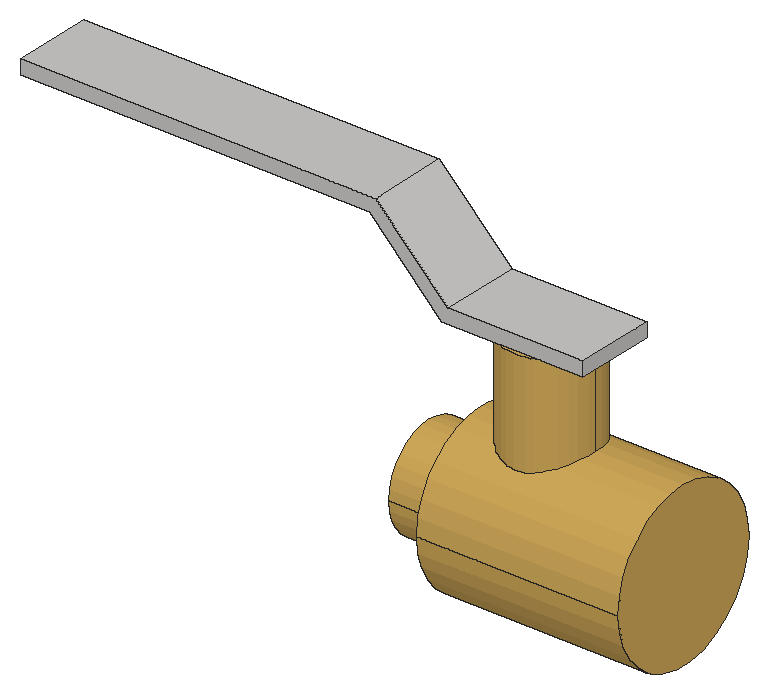
Revit family "xBall_Valves-Full_Port-WATTS-LFFBV3C_LFFBVS3C_Series", category Pipe Accessories, Revit 2014
Parameters (values of type "LFFBV-3C - 0.25"")
  built-in parameter 1114242 [instance] = (empty or 0)
  URL = "http://www.watts.com"
  Type Comments = ""
  Stem Radius = 0.310"
  Stem Height = 1.183"
  Region = "North America"  # constant formula
  Product Page URL = "http://www.watts.com/pages/_products_details.asp?pid=6836"
  Product Documentation Link = "http://media.wattswater.com/ES-LFFBV-3C.pdf"
  Model = "LFFBV-3C"
  Max. Working Pressure = "600psi (41 bar) WOG, non-shock; 150psi (10.3 bar) WSP"
  Material = "Lead Free-WATTS-Copper Silicon Alloy"  # constant formula
  Manufacturer Product Line = "Water Safety & Flow Control"  # constant formula
  Manufacturer = "WATTS"  # constant formula
  Length = 1.750"
  Handle Width = 0.550"
  Handle Thickness = 0.098"
  Handle Length = 3.438"
  Handle Height = 0.500"
  Description = "2 Piece, Full Port, Lead Free Brass Ball Valve"  # constant formula
  Country = "United States"  # constant formula
  Connector Description 2 = "NPT Connection Outlet"
  Connector Description 1 = "NPT Connection Inlet"
  Connection Type = "Female NPT"
  Connection Radius = 1/8"
  Center To Outlet = Length - Center To Inlet  # 0.910"
  Center To Inlet = 0.840"
  Center To Handle Tang = 0.436"
  Center To Handle Back = Handle Width / 2  # 0.275"
  Center To Handle Angle = 0.492"
  Center To Body Angle = 0.478"
  Outlet Body Radius = 0.560"
  Inlet Body Radius = 0.350"
  Body Midpoint = (Center To Inlet + Center To Outlet) / 2  # 0.875"
  Annotation Circle Radius = if(1 = 1, Outlet Body Radius / 2, 0.000")  # 0.280"
Types (20): name | Stem Radius | Stem Height | Model | Max. Working Pressure | Length | Handle Width | Handle Thickness | Handle Length | Handle Height | Connection Type | Connection Radius | Center To Outlet | Center To Inlet | Center To Handle Tang | Center To Handle Back | Center To Handle Angle | Center To Body Angle | Outlet Body Radius | Inlet Body Radius | Body Midpoint | Annotation Circle Radius
  (no name) | 0.310" | 1.183" | "LFFBV-3C" | "600psi (41 bar) WOG, non-shock; 150psi (10.3 bar) WSP" | 1.750" | 0.550" | 0.098" | 3.438" | 0.500" | "Female NPT" | 1/8" | 0.910" | 0.840" | 0.436" | 0.275" | 0.492" | 0.478" | 0.560" | 0.350" | 0.875" | 0.280"
  LFFBV-3C - 0.25" | 0.310" | 1.183" | "LFFBV-3C" | "600psi (41 bar) WOG, non-shock; 150psi (10.3 bar) WSP" | 1.750" | 0.550" | 0.098" | 3.438" | 0.500" | "Female NPT" | 1/8" | 0.910" | 0.840" | 0.436" | 0.275" | 0.492" | 0.478" | 0.560" | 0.350" | 0.875" | 0.280"
  LFFBV-3C - 0.375" | 0.310" | 1.183" | "LFFBV-3C" | "600psi (41 bar) WOG, non-shock; 150psi (10.3 bar) WSP" | 1.750" | 0.550" | 0.098" | 3.438" | 0.500" | "Female NPT" | 3/16" | 0.910" | 0.840" | 0.436" | 0.275" | 0.492" | 0.478" | 0.560" | 0.415" | 0.875" | 0.280"
  LFFBV-3C - 0.5" | 0.310" | 1.123" | "LFFBV-3C" | "600psi (41 bar) WOG, non-shock; 150psi (10.3 bar) WSP" | 1.938" | 0.550" | 0.098" | 3.438" | 0.500" | "Female NPT" | 1/4" | 0.958" | 0.980" | 0.436" | 0.275" | 0.492" | 0.460" | 0.560" | 0.480" | 0.969" | 0.280"
  LFFBV-3C - 0.75" | 0.375" | 1.359" | "LFFBV-3C" | "600psi (41 bar) WOG, non-shock; 150psi (10.3 bar) WSP" | 2.313" | 0.689" | 0.110" | 4.000" | 0.689" | "Female NPT" | 3/8" | 1.143" | 1.170" | 0.530" | 0.3445" | 0.483" | 0.445" | 0.780" | 0.620" | 1.1565" | 0.390"
  LFFBV-3C - 1" | 0.465" | 1.633" | "LFFBV-3C" | "600psi (41 bar) WOG, non-shock; 150psi (10.3 bar) WSP" | 2.813" | 0.807" | 0.126" | 4.250" | 0.750" | "Female NPT" | 1/2" | 1.397" | 1.416" | 0.640" | 0.4035" | 0.577" | 0.580" | 0.910" | 0.750" | 1.4065" | 0.455"
  LFFBV-3C - 1.25" | 0.455" | 1.823" | "LFFBV-3C" | "600psi (41 bar) WOG, non-shock; 150psi (10.3 bar) WSP" | 3.188" | 0.807" | 0.126" | 4.250" | 0.750" | "Female NPT" | 5/8" | 1.601" | 1.587" | 0.640" | 0.4035" | 0.577" | 0.685" | 1.150" | 0.930" | 1.594" | 0.575"
  LFFBV-3C - 1.5" | 0.480" | 2.118" | "LFFBV-3C" | "600psi (41 bar) WOG, non-shock; 150psi (10.3 bar) WSP" | 3.500" | 0.945" | 0.157" | 5.250" | 0.750" | "Female NPT" | 3/4" | 1.760" | 1.740" | 0.687" | 0.4725" | 0.847" | 0.815" | 1.330" | 1.075" | 1.750" | 0.665"
  LFFBV-3C - 2" | 0.480" | 2.581" | "LFFBV-3C" | "600psi (41 bar) WOG, non-shock; 150psi (10.3 bar) WSP" | 4.125" | 0.945" | 0.157" | 6.000" | 0.750" | "Female NPT" | 1" | 2.096" | 2.029" | 0.687" | 0.4725" | 0.847" | 0.935" | 1.690" | 1.325" | 2.0625" | 0.845"
  LFFBV-3C - 2.5" | 0.615" | 3.055" | "LFFBV-3C" | "400psi (27.5 bar) WOG, non-shock\r\n125psi (8.6 bar) WSP" | 5.313" | 0.945" | 0.197" | 7.375" | 0.750" | "Female NPT" | 1 1/4" | 2.668" | 2.645" | 0.853" | 0.4725" | 0.800" | 1.335" | 2.120" | 1.597" | 2.6565" | 1.060"
  LFFBV-3C - 3" | 0.655" | 3.477" | "LFFBV-3C" | "400psi (27.5 bar) WOG, non-shock\r\n125psi (8.6 bar) WSP" | 6.063" | 1.102" | 0.197" | 7.750" | 0.750" | "Female NPT" | 1 1/2" | 3.035" | 3.028" | 0.882" | 0.551" | 0.810" | 1.590" | 2.515" | 1.980" | 3.0315" | 1.2575"
  LFFBV-3C - 4" | 0.655" | 3.477" | "LFFBV-3C" | "400psi (27.5 bar) WOG, non-shock\r\n125psi (8.6 bar) WSP" | 7.438" | 1.102" | 0.197" | 9.625" | 0.750" | "Female NPT" | 1 1/2" | 4.410" | 3.028" | 0.882" | 0.551" | 0.810" | 1.590" | 2.515" | 1.980" | 3.719" | 1.2575"
  LFFBVS-3C - 0.5" | 0.310" | 1.123" | "LFFBVS-3C" | "600psi (41 bar) WOG, non-shock; 150psi (10.3 bar) WSP" | 2.063" | 0.550" | 0.098" | 3.438" | 0.500" | "Soldered Connection" | 1/4" | 1.083" | 0.980" | 0.436" | 0.275" | 0.492" | 0.460" | 0.560" | 0.480" | 1.0315" | 0.280"
  LFFBVS-3C - 0.75" | 0.375" | 1.359" | "LFFBVS-3C" | "600psi (41 bar) WOG, non-shock; 150psi (10.3 bar) WSP" | 2.688" | 0.689" | 0.110" | 4.000" | 0.689" | "Soldered Connection" | 3/8" | 1.518" | 1.170" | 0.530" | 0.3445" | 0.483" | 0.445" | 0.780" | 0.620" | 1.344" | 0.390"
  LFFBVS-3C - 1" | 0.465" | 1.633" | "LFFBVS-3C" | "600psi (41 bar) WOG, non-shock; 150psi (10.3 bar) WSP" | 3.250" | 0.807" | 0.126" | 4.250" | 0.750" | "Soldered Connection" | 1/2" | 1.834" | 1.416" | 0.640" | 0.4035" | 0.577" | 0.580" | 0.910" | 0.750" | 1.625" | 0.455"
  LFFBVS-3C - 1.25" | 0.455" | 1.823" | "LFFBVS-3C" | "600psi (41 bar) WOG, non-shock; 150psi (10.3 bar) WSP" | 3.688" | 0.807" | 0.126" | 4.250" | 0.750" | "Soldered Connection" | 5/8" | 2.101" | 1.587" | 0.640" | 0.4035" | 0.577" | 0.685" | 1.150" | 0.930" | 1.844" | 0.575"
  LFFBVS-3C - 1.5" | 0.480" | 2.118" | "LFFBVS-3C" | "600psi (41 bar) WOG, non-shock; 150psi (10.3 bar) WSP" | 4.250" | 0.945" | 0.157" | 5.250" | 0.750" | "Soldered Connection" | 3/4" | 2.510" | 1.740" | 0.687" | 0.4725" | 0.847" | 0.815" | 1.330" | 1.075" | 2.125" | 0.665"
  LFFBVS-3C - 2" | 0.480" | 2.581" | "LFFBVS-3C" | "600psi (41 bar) WOG, non-shock; 150psi (10.3 bar) WSP" | 5.313" | 0.945" | 0.157" | 6.000" | 0.750" | "Soldered Connection" | 1" | 3.284" | 2.029" | 0.687" | 0.4725" | 0.847" | 0.935" | 1.690" | 1.325" | 2.6565" | 0.845"
  LFFBVS-3C - 2.5" | 0.615" | 3.055" | "LFFBVS-3C" | "400psi (27.5 bar) WOG, non-shock\r\n125psi (8.6 bar) WSP" | 6.250" | 0.945" | 0.197" | 7.375" | 0.750" | "Soldered Connection" | 1 1/4" | 3.605" | 2.645" | 0.853" | 0.4725" | 0.800" | 1.335" | 2.120" | 1.597" | 3.125" | 1.060"
  LFFBVS-3C - 3" | 0.655" | 3.477" | "LFFBVS-3C" | "400psi (27.5 bar) WOG, non-shock\r\n125psi (8.6 bar) WSP" | 7.375" | 1.102" | 0.197" | 7.750" | 0.750" | "Soldered Connection" | 1 1/2" | 4.347" | 3.028" | 0.882" | 0.551" | 0.810" | 1.590" | 2.515" | 1.980" | 3.6875" | 1.2575"
Reference planes (in)
  plane 1 "Center (Front/Back)": y = 0
  plane 2 "Center (Elevation)": z = 0
  plane 3 "Center (Left/Right)": x = 0
  plane 4 "Inlet": x = -0.84
  plane 5 "Outlet": x = 0.91
  plane 6 "Body Angle": x = -0.478
  plane 7 "Body Main Front": y = -0.56
  plane 8 "Body Small Front": y = -0.35
  plane 9 "Handle Back": y = 0.275
  plane 10 "Handle Front": y = -0.275
  plane 11 "Handle Tang": x = 0.436
  plane 12 "HandLength": x = -3.438
  plane 13: z = 1.183
  plane 14 "HandThk": z = 1.281
  plane 15 "Handle Ang": x = -0.492
  plane 16 "HandHgt": z = 1.683
  plane 17: z = 1.781
  plane 18 "Body Main Back": y = 0.56
  plane 19 "AnnotaionTop": z = 0.56
  plane 20 "Annotation_Bottom": z = -0.56
  plane 21 "Body Small Back": y = 0.35
  plane 22 "Body Midpoint": x = 0.035
Forms (in)
  Extrusion 1, solid, material "Lead Free-WATTS-Copper Silicon Alloy"
    sketch origin (-0.84, 0, 0) x (0, 1, 0) y (0, 0, 1)
      loop
        circle (0, 0) r 0.35
    from 0 to 0.362
  Extrusion 2, solid, material "Lead Free-WATTS-Copper Silicon Alloy"
    sketch origin (-0.478, 0, 0) x (0, 1, 0) y (0, 0, 1)
      loop
        circle (0, 0) r 0.56
    from 0 to 1.388
  Extrusion 3, solid, material "Lead Free-WATTS-Copper Silicon Alloy"
    sketch origin (0, 0, 0) x (1, 0, 0) y (0, 1, 0)
      loop
        circle (0, 0) r 0.31
    from 0 to 1.183 <- "Stem Height"
  Extrusion 4, solid, material "Metal-WATTS-Steel"
    sketch origin (0, 0.275, 0) x (1, 0, 0) y (0, 0, 1)
      loop
        line (0.436, 1.281) -> (-0.492, 1.281) -> (-0.992, 1.781) -> (-3.438, 1.781) -> (-3.438, 1.683) -> (-1.03259, 1.683) -> (-0.53259, 1.183) -> (0.436, 1.183) -> (0.436, 1.281)
    from 0 to 0.55 <- "Handle Width"
Cuts and joins
  joined: Extrusion 1, Extrusion 2, Extrusion 3
Lines and regions (in)
  Masking region 1, detail levels fine
    outline origin (0, 0, 0) x (1, 0, 0) y (0, 1, 0)
      loop
        line (-0.478, 0.56) -> (-0.478, 0.35) -> (-0.84, 0.35) -> (-0.84, 0.275) -> (-3.438, 0.275) -> (-3.438, -0.275) -> (-0.84, -0.275) -> (-0.84, -0.35) -> (-0.478, -0.35) -> (-0.478, -0.56) -> (0.91, -0.56) -> (0.91, 0.56) -> (-0.478, 0.56)
  model lines, detail levels coarse+medium
    curve 1: line (-0.84, 0.56, 0) -> (0.035, 0, 0)
    curve 2: line (0.91, -0.56, 0) -> (0.91, 0.56, 0)
    curve 3: line (0.91, 0.56, 0) -> (0.035, 0, 0)
    curve 4: line (-0.84, -0.56, 0) -> (-0.84, 0.56, 0)
    curve 5: circle (0.035, 0, 0) r 0.28 normal (0, 0, 1)
    curve 6: line (0.035, 0, 0) -> (0.91, -0.56, 0)
    curve 7: line (0.035, 0, 0) -> (-0.84, -0.56, 0)
  symbolic lines, detail levels fine
    curve 8: line (0.436, 0.275, 0) -> (0.436, -0.275, 0)
    curve 9: line (-0.478, -0.56, 0) -> (-0.478, -0.275, 0)
    curve 10: line (-0.478, 0.56, 0) -> (-0.478, 0.275, 0)
    curve 12: line (0.436, 0.275, 0) -> (-0.84, 0.275, 0)
    curve 13: line (-0.84, -0.275, 0) -> (0.436, -0.275, 0)
  model lines, style "PipeAccessory", detail levels coarse+medium
    curve 11: line (0.91, 0.56, 0) -> (0.91, -0.56, 0)
Dimensions and locks (in)
  "Center To Inlet": plane 4 "Inlet" to plane 3 "Center (Left/Right)"
  "Center To Outlet": plane 3 "Center (Left/Right)" to plane 5 "Outlet"
  "Outlet Body Radius": plane 7 "Body Main Front" to plane 1 "Center (Front/Back)"
  "Inlet Body Radius": plane 8 "Body Small Front" to plane 1 "Center (Front/Back)"
  "Center To Body Angle": plane 6 "Body Angle" to plane 3 "Center (Left/Right)"
  "Inlet Body Radius": Extrusion 1 sketch curve to plane 1 "Center (Front/Back)"
  "Outlet Body Radius": Extrusion 2 sketch curve to plane 1 "Center (Front/Back)"
  "Stem Radius": plane 3 "Center (Left/Right)" to Extrusion 3 sketch curve
  "Center To Handle Back": plane 1 "Center (Front/Back)" to plane 9 "Handle Back"
  "Handle Width": plane 10 "Handle Front" to plane 9 "Handle Back"
  "Stem Height": plane 13 to level
  "Handle Thickness": plane 14 "HandThk" to plane 13
  "Center To Handle Tang": plane 11 "Handle Tang" to plane 3 "Center (Left/Right)"
  "Center To Handle Angle": plane 3 "Center (Left/Right)" to plane 15 "Handle Ang"
  "Handle Length": plane 3 "Center (Left/Right)" to plane 12 "HandLength"
  "Handle Thickness": plane 17 to plane 16 "HandHgt"
  "Handle Height": plane 16 "HandHgt" to plane 13
  "Center To Handle Angle": plane 3 "Center (Left/Right)" to Extrusion 4 sketch curve
  "Handle Thickness": Extrusion 4 sketch curve to Extrusion 4 sketch curve
  "Outlet Body Radius": plane 1 "Center (Front/Back)" to plane 18 "Body Main Back"
  "Outlet Body Radius": plane 2 "Center (Elevation)" to plane 20 "Annotation_Bottom"
  "Outlet Body Radius": plane 19 "AnnotaionTop" to plane 2 "Center (Elevation)"
  "Inlet Body Radius": plane 1 "Center (Front/Back)" to plane 21 "Body Small Back"
  "Body Midpoint": plane 4 "Inlet" to plane 22 "Body Midpoint"
  "Annotation Circle Radius": radius of curve 5
  angle plane 15 "Handle Ang" to Extrusion 4 sketch curve = 45.00°
  aligned and locked: plane 11 "Handle Tang" to Extrusion 4 sketch curve
  aligned and locked: Extrusion 4 sketch curve to plane 14 "HandThk"
  aligned and locked: plane 17 to Extrusion 4 sketch curve
  aligned and locked: plane 12 "HandLength" to Extrusion 4 sketch curve
  aligned and locked: plane 16 "HandHgt" to Extrusion 4 sketch curve
  aligned and locked: plane 13 to Extrusion 4 sketch curve
  aligned and locked: Extrusion 4 to plane 9 "Handle Back"
  aligned and locked: plane 10 "Handle Front" to Extrusion 4
  aligned and locked: plane 5 "Outlet" to Extrusion 2
  aligned and locked: Extrusion 2 to plane 6 "Body Angle"
  aligned and locked: Extrusion 1 to plane 4 "Inlet"
  aligned and locked: plane 6 "Body Angle" to Extrusion 1
  aligned and locked: Extrusion 3 to plane 13
  aligned and locked: Extrusion 3 to level
  aligned and locked: curve 8 to plane 11 "Handle Tang"
  aligned and locked: curve 11 to plane 5 "Outlet"
  aligned and locked: plane 6 "Body Angle" to curve 9
  aligned and locked: curve 10 to plane 6 "Body Angle"
  aligned and locked: plane 22 "Body Midpoint" to curve 5
  aligned and locked: plane 1 "Center (Front/Back)" to curve 5
  aligned and locked: plane 18 "Body Main Back" to curve 4
  aligned and locked: plane 7 "Body Main Front" to curve 7
  aligned and locked: plane 18 "Body Main Back" to curve 11
  aligned and locked: plane 22 "Body Midpoint" to curve 1
  aligned and locked: plane 1 "Center (Front/Back)" to curve 6
  aligned and locked: Extrusion 1 to Extrusion 2
  aligned and locked: Extrusion 2 to curve 2
  aligned and locked: Extrusion 1 to curve 1
  aligned and locked: Masking region 1 sketch curve to plane 18 "Body Main Back"
  aligned and locked: Masking region 1 sketch curve to plane 7 "Body Main Front"
  aligned and locked: Masking region 1 sketch curve to curve 2
  aligned and locked: Masking region 1 sketch curve to Extrusion 4  (x2)
  aligned and locked: Extrusion 4 to Masking region 1 sketch curve
  aligned and locked: Masking region 1 sketch curve to cut or joined group of Extrusion 1, Extrusion 2, Extrusion 3  (x2)
  aligned and locked: Masking region 1 sketch curve to plane 21 "Body Small Back"
  aligned and locked: Masking region 1 sketch curve to plane 8 "Body Small Front"
  aligned and locked: Masking region 1 sketch curve to plane 4 "Inlet"
  aligned and locked: Masking region 1 sketch curve to plane 6 "Body Angle"
  aligned and locked: curve 12 to Extrusion 4
  aligned and locked: Extrusion 4 to curve 13
Automatic sketch dimensions
  Extrusion 2 sketch curve to level = 0.000"
  Extrusion 2 sketch curve to plane 1 "Center (Front/Back)" = 0.000"
  Extrusion 1 sketch curve to level = 0.000"
  Extrusion 1 sketch curve to plane 1 "Center (Front/Back)" = 0.000"
  Extrusion 3 sketch curve to plane 1 "Center (Front/Back)" = 0.000"
  Extrusion 3 sketch curve to plane 3 "Center (Left/Right)" = 0.000"
  curve 1 to plane 4 "Inlet" = 0.000"
  plane 7 "Body Main Front" to curve 2 = 0.000"
  plane 7 "Body Main Front" to curve 9 = 0.000"
  curve 10 to plane 18 "Body Main Back" = 0.000"
Connectors (in)
  piping at (-0.84, 0, 0), diameter 0.25, driven by "Connection Radius", driven by "Connector Description 1"
    settings: on Extrusion 1, index 1, connector inside diameter 1/4", connector length 0.000", flow factor 0, pipe flow 0 GPM, pressure drop 0.00 psi, fitting loss kfactor 0, connector angle 0.00°, fixture units 0, engagement length 0.000", angle of deflection 0.00°, flow configuration 0, flow direction 1, fitting loss method 0, system type 29, joint type 0, gender type 0, connector reference index 2, connector utility 0, adjustable connector no, is connector primary yes, connector description "NPT Connection Inlet"
  piping at (0.91, 0, 0), diameter 0.25, driven by "Connection Radius", driven by "Connector Description 2"
    settings: on Extrusion 2, index 2, connector inside diameter 1/4", connector length 0.000", flow factor 0, pipe flow 0 GPM, pressure drop 0.00 psi, fitting loss kfactor 0, connector angle 0.00°, fixture units 0, engagement length 0.000", angle of deflection 0.00°, flow configuration 0, flow direction 2, fitting loss method 0, system type 29, joint type 0, gender type 0, connector reference index 1, connector utility 0, adjustable connector no, is connector primary no, connector description "NPT Connection Outlet"
